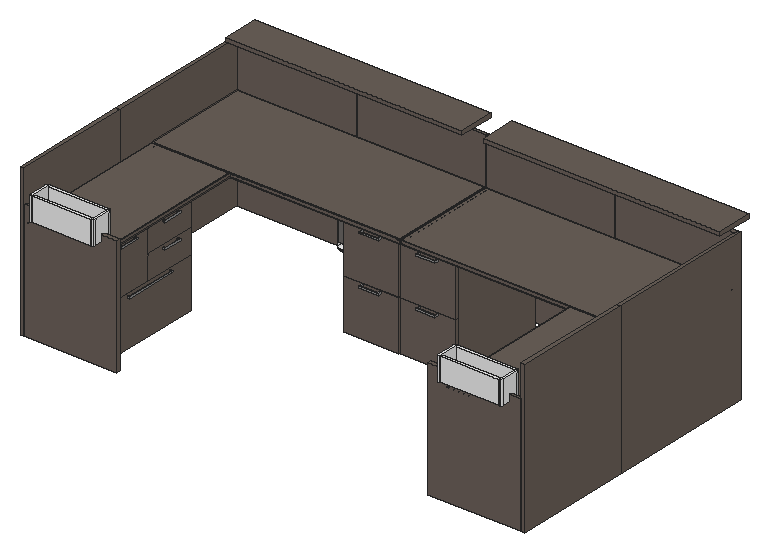
Revit family "OFS TYPICAL T200033", category Furniture, Revit 2022 (continued)
Definition of nested family "STAKS BENCHING CANTILEVER WORKSURFACE BRACKET - OPEN"
  Forms (in)
    Extrusion 3, void
      sketch origin (0, -11.12465, 0) x (1, 0, 0) y (0, 0, 1)
        loop
          arc (-16.10192, 22.16992) -> (-16.00817, 22.07617) -> (-15.91442, 22.16992) r 0.09375
          line (-15.91442, 22.16992) -> (-15.91442, 22.33619)
          arc (-15.91442, 22.33619) -> (-16.00817, 22.42994) -> (-16.10192, 22.33619) r 0.09375
          line (-16.10192, 22.33619) -> (-16.10192, 22.16992)
      from -14 to -3.47735
    Extrusion 4, void
      sketch origin (0, 0, 0) x (1, 0, 0) y (0, 1, 0)
        loop
          circle (-16.93617, 0.25038) r 0.09375
        loop
          circle (-16.06383, -1.74962) r 0.09375
        loop
          circle (-16.93617, -3.74962) r 0.09375
        loop
          circle (-16.06383, -5.74962) r 0.09375
        loop
          circle (-16.93617, -7.74962) r 0.09375
        loop
          circle (-16.06383, -9.74962) r 0.09375
        loop
          circle (-16.93617, -11.74962) r 0.09375
        loop
          circle (-16.06383, -13.74962) r 0.09375
        loop
          circle (-16.93617, -15.74962) r 0.09375
        loop
          circle (-16.06383, -17.74962) r 0.09375
        loop
          circle (-16.93617, -19.74962) r 0.09375
        loop
          circle (-16.06383, -21.74962) r 0.09375
        loop
          circle (-16.93617, -23.74962) r 0.09375
        loop
          circle (-16.06383, -25.74962) r 0.09375
        loop
          circle (-16.93617, -27.74962) r 0.09375
        loop
          circle (-16.06383, -29.74962) r 0.09375
      from 25.0365 to 29.23009
    Extrusion 5, void, not visible
      sketch origin (0, 0, 0) x (1, 0, 0) y (0, 1, 0)
        loop
          circle (-16.93617, 0.25038) r 0.09375
        loop
          circle (-16.06383, -1.74962) r 0.09375
        loop
          circle (-16.93617, -3.74962) r 0.09375
        loop
          circle (-16.06383, -5.74962) r 0.09375
        loop
          circle (-16.93617, -7.74962) r 0.09375
        loop
          circle (-16.06383, -9.74962) r 0.09375
        loop
          circle (-16.93617, -11.74962) r 0.09375
        loop
          circle (-16.06383, -13.74962) r 0.09375
        loop
          circle (-16.93617, -15.74962) r 0.09375
        loop
          circle (-16.06383, -17.74962) r 0.09375
        loop
          circle (-16.93617, -19.74962) r 0.09375
        loop
          circle (-16.06383, -21.74962) r 0.09375
        loop
          circle (-16.93617, -23.74962) r 0.09375
        loop
          circle (-16.06383, -25.74962) r 0.09375
        loop
          circle (-16.93617, -27.74962) r 0.09375
        loop
          circle (-16.06383, -29.74962) r 0.09375
      from 25.0365 to 29.23009
  Cuts and joins
    Extrusion 3, Extrusion 4 cuts Extrusion 1
  Dimensions and locks (in)
    "Height From Floor": plane 4 "BASE TOP" to plane 1
    "Height": plane 4 "BASE TOP" to plane 6
    equal spacing: plane 3 "LEFT", plane 8 "CENTER", plane 5 "RIGHT"
    equal spacing: plane 9, plane 2 "Center (Front/Back)", plane 7
    "Width": plane 3 "LEFT" to plane 5 "RIGHT"
    "Depth": plane 9 to plane 7
    locked: plane 4 "BASE TOP" to plane 10 at 2
    locked: plane 7 to plane 11 at 2
    locked: plane 13 to plane 9 at 0.5
    locked: plane 6 to plane 12 at 0.5
    plane 14 to plane 8 "CENTER" to plane 15 = 0' - 0 1/8" locked, 0' - 0 1/8" locked
    "Alpha": plane 16 to plane 13
    aligned and locked: level to plane 1
    aligned and locked: Extrusion 1 sketch curve to plane 4 "BASE TOP"
    aligned and locked: plane 7 to Extrusion 1 sketch curve
    aligned and locked: plane 9 to Extrusion 1 sketch curve
    aligned and locked: plane 6 to Extrusion 1 sketch curve
    aligned and locked: Extrusion 1 to plane 3 "LEFT"
    aligned and locked: plane 5 "RIGHT" to Extrusion 1
    aligned and locked: Extrusion 2 sketch curve to Extrusion 1
    aligned and locked: plane 15 to Extrusion 2
    aligned and locked: plane 14 to Extrusion 2
    aligned and locked: Extrusion 1 to Extrusion 2 sketch curve
    aligned and locked: Extrusion 3 to plane 7
  Automatic sketch dimensions
    plane 7 to Extrusion 1 sketch curve = 0' - 0 7/128"
    Extrusion 1 sketch curve to plane 11 = 0' - 0"
    plane 10 to Extrusion 1 sketch curve = 0' - 0"
    plane 11 to Extrusion 1 sketch curve = 0' - 0.02265"
    plane 10 to Extrusion 1 sketch curve = 0' - 0.02265"
    plane 4 "BASE TOP" to Extrusion 1 sketch curve = 0' - 0 7/128"
    Extrusion 2 sketch curve to plane 13 = 0' - 0"
    plane 12 to Extrusion 2 sketch curve = 0' - 0"
    Extrusion 2 sketch curve to plane 16 = 0' - 0"
    Extrusion 2 sketch curve to Extrusion 2 sketch curve = 0' - 0.29376"
    plane 14 to Extrusion 3 sketch curve = 0' - 0.27308"
    Extrusion 3 sketch curve to plane 5 "RIGHT" = 0' - 0.16442"  (x2)
    Extrusion 3 sketch curve to plane 12 = 0' - 0.79492"
    Extrusion 3 sketch curve to Extrusion 3 sketch curve = 0' - 0 3/16"
    plane 3 "LEFT" to Extrusion 3 sketch curve = 0' - 0.25817"  (x3)
    Extrusion 3 sketch curve to Extrusion 3 sketch curve = 0' - 0.16626"  (x2)
    plane 10 to Extrusion 3 sketch curve = 0' - 1.46119"
    plane 12 to Extrusion 3 sketch curve = 0' - 0.19423"
    Extrusion 3 sketch curve to Extrusion 3 sketch curve = 0' - 1.03838"
    plane 10 to Extrusion 3 sketch curve = 0' - 0.30577"
    Extrusion 4 sketch curve to Extrusion 4 sketch curve = 0' - 2"  (x15)
    Extrusion 4 sketch curve to Extrusion 4 sketch curve = 0' - 0"  (x7)
    Extrusion 4 sketch curve to Extrusion 4 sketch curve = 0' - 0.87233"  (x8)
    Extrusion 5 sketch curve to Extrusion 5 sketch curve = 0' - 2"  (x15)
    Extrusion 5 sketch curve to Extrusion 5 sketch curve = 0' - 0"  (x7)
    Extrusion 5 sketch curve to Extrusion 5 sketch curve = 0' - 0.87233"  (x8)
    radius of Extrusion 3 sketch curve = 0' - 0 3/32"  (x3)
    radius of Extrusion 4 sketch curve = 0' - 0 3/32"  (x16)
    radius of Extrusion 5 sketch curve = 0' - 0 3/32"  (x16)
Definition of nested family "STAKS BENCHING PRESS FIT BRACKET"
  Parameters (values of type "STAKS BENCHING PRESS FIT BRACKET")
    Width = 0' - 7 1/8"
    URL = "http://www.ofs.com/"
    Model = "PFBKT-1"
    Manufacturer = "OFS"
    Height From Floor = 2' - 3 7/8"
    Height = 0' - 3"
    Gap = 0' - 1"
    Description = "OFS STAKS BENCHING PRESS FIT BRACKET, Supports Shared Organizers, Shared Shelves or Transaction Tops on Spine or Divider Wall Panels Without Defacing the Panel Faces"
    Depth = 0' - 2"
    Default Elevation = 0' - 0"
    Copyright © = "© 2018 OFS"
    Catalog = "https://ofs.com/products/open-plan/benching/staks"
    Bracket Material = none
    Authoring Version = "Autodesk Revit Architecture 2013"
    Assembly Code = "E2020200"
  Reference planes (in)
    plane 1: z = 0
    plane 2 "Center (Front/Back)": y = 1.87535
    plane 3 "LEFT": x = -20.0625
    plane 4 "BASE TOP": z = 27.875
    plane 5 "RIGHT": x = -12.9375
    plane 6: z = 24.875
    plane 7: y = 2.87535
    plane 8 "CENTER": x = -16.5
    plane 9: y = 0.87535
    plane 10: y = 1.25035
    plane 11: x = -16
    plane 12: x = -17
  Forms (in)
    Extrusion 1, solid, material <- "Bracket Material"
      sketch origin (0, 1.87535, 0) x (1, 0, 0) y (0, 0, 1)
        loop
          line (-17, 24.875) -> (-17, 27.375) -> (-16.82031, 27.375)
          arc (-16.82031, 27.375) -> (-16.59934, 27.46653) -> (-16.50781, 27.6875) r 0.3125
          line (-16.50781, 27.6875) -> (-16.50781, 27.875) -> (-20.0625, 27.875) -> (-20.0625, 27.375) -> (-17.75, 27.375)
          arc (-17.75, 27.375) -> (-17.39645, 27.22855) -> (-17.25, 26.875) r 0.5
          line (-17.25, 26.875) -> (-17.25, 24.875) -> (-17, 24.875)
        loop
          line (-12.9375, 27.875) -> (-16.49219, 27.875) -> (-16.49219, 27.6875)
          arc (-16.49219, 27.6875) -> (-16.40066, 27.46653) -> (-16.17969, 27.375) r 0.3125
          line (-16.17969, 27.375) -> (-16, 27.375) -> (-16, 24.875) -> (-15.75, 24.875) -> (-15.75, 26.875)
          arc (-15.75, 26.875) -> (-15.60355, 27.22855) -> (-15.25, 27.375) r 0.5
          line (-15.25, 27.375) -> (-12.9375, 27.375) -> (-12.9375, 27.875)
      from -1 to 1
    Extrusion 2, void
      sketch origin (0, 0, 0) x (1, 0, 0) y (0, 1, 0)
        loop
          line (-17, 0.87535) -> (-16, 0.87535) -> (-16, 1.37535) -> (-17, 1.37535) -> (-17, 0.87535)
        loop
          line (-17, 2.87535) -> (-17, 2.37535) -> (-16, 2.37535) -> (-16, 2.87535) -> (-17, 2.87535)
        loop
          circle (-19.48811, 1.37535) r 0.09375
        loop
          circle (-17.85526, 1.37535) r 0.09375
        loop
          circle (-13.51189, 1.37535) r 0.09375
        loop
          circle (-15.14474, 1.37535) r 0.09375
        loop
          circle (-19.48811, 2.37535) r 0.09375
        loop
          circle (-17.85526, 2.37535) r 0.09375
        loop
          circle (-13.51189, 2.37535) r 0.09375
        loop
          circle (-15.14474, 2.37535) r 0.09375
      from 24.875 to 27.875
    Extrusion 3, solid, material <- "Bracket Material"
      sketch origin (-16.5, 0, 0) x (0, 1, 0) y (0, 0, 1)
        loop
          circle (2.60972, 27.625) r 0.1875
        loop
          line (2.60972, 27.72544) -> (2.52274, 27.67522) -> (2.52274, 27.57478) -> (2.60972, 27.52456) -> (2.69671, 27.57478) -> (2.69671, 27.67522) -> (2.60972, 27.72544)
        loop
          circle (1.14097, 27.625) r 0.1875
        loop
          line (1.14097, 27.72544) -> (1.05399, 27.67522) -> (1.05399, 27.57478) -> (1.14097, 27.52456) -> (1.22796, 27.57478) -> (1.22796, 27.67522) -> (1.14097, 27.72544)
      from 3.5625 to 3.68034
    Extrusion 4, solid, material <- "Bracket Material"
      sketch origin (-16.5, 0, 0) x (0, 1, 0) y (0, 0, -1)
        loop
          circle (2.60972, -27.625) r 0.1875
        loop
          line (2.60972, -27.72544) -> (2.69671, -27.67522) -> (2.69671, -27.57478) -> (2.60972, -27.52456) -> (2.52274, -27.57478) -> (2.52274, -27.67522) -> (2.60972, -27.72544)
        loop
          circle (1.14097, -27.625) r 0.1875
        loop
          line (1.14097, -27.72544) -> (1.22796, -27.67522) -> (1.22796, -27.57478) -> (1.14097, -27.52456) -> (1.05399, -27.57478) -> (1.05399, -27.67522) -> (1.14097, -27.72544)
      from 3.5625 to 3.68034
    Extrusion 5, solid, material <- "Bracket Material"
      sketch origin (-16.5, 3.61007, 0) x (0, -1, 0) y (0, 0, -1)
        loop
          circle (2.4691, -27.625) r 0.09375
      from -0.5 to 0.5
    Extrusion 6, solid, material <- "Bracket Material"
      sketch origin (-16.5, 0.14063, 0) x (0, 1, 0) y (0, 0, 1)
        loop
          circle (2.4691, 27.625) r 0.09375
      from -0.5 to 0.5
    Extrusion 7, solid
      sketch origin (-16.5, 0, 0) x (0, 1, 0) y (0, 0, 1)
        loop
          line (2.37535, 26.875) -> (1.37535, 26.875) -> (1.37535, 25.375) -> (2.37535, 25.375) -> (2.37535, 26.875)
      from 0.40321 to 0.5
    Extrusion 8, solid
      sketch origin (-16.5, 0, 0) x (0, 1, 0) y (0, 0, -1)
        loop
          line (2.37535, -26.875) -> (2.37535, -25.375) -> (1.37535, -25.375) -> (1.37535, -26.875) -> (2.37535, -26.875)
      from 0.40321 to 0.5
  Cuts and joins
    Extrusion 2 cuts Extrusion 1
  Dimensions and locks (in)
    "Height From Floor": plane 4 "BASE TOP" to plane 1
    "Height": plane 4 "BASE TOP" to plane 6
    equal spacing: plane 3 "LEFT", plane 8 "CENTER", plane 5 "RIGHT"
    equal spacing: plane 9, plane 2 "Center (Front/Back)", plane 7
    "Width": plane 3 "LEFT" to plane 5 "RIGHT"
    "Depth": plane 9 to plane 7
    equal spacing: plane 11, plane 8 "CENTER", plane 12
    "Gap": plane 12 to plane 11
    aligned and locked: level to plane 1
    aligned and locked: plane 9 to Extrusion 1
    aligned and locked: Extrusion 1 to plane 7
    aligned and locked: Extrusion 2 to plane 4 "BASE TOP"
    aligned and locked: plane 6 to Extrusion 2
    aligned and locked: plane 11 to Extrusion 5
    aligned and locked: plane 12 to Extrusion 5
    aligned and locked: plane 11 to Extrusion 7
  Automatic sketch dimensions
    Extrusion 1 sketch curve to plane 3 "LEFT" = 0' - 0"
    Extrusion 1 sketch curve to plane 6 = 0' - 0"  (x2)
    plane 12 to Extrusion 1 sketch curve = 0' - 0"
    Extrusion 1 sketch curve to plane 4 "BASE TOP" = 0' - 0"  (x2)
    Extrusion 1 sketch curve to plane 11 = 0' - 0"
    Extrusion 1 sketch curve to plane 5 "RIGHT" = 0' - 0"
    plane 12 to Extrusion 1 sketch curve = 0' - 0 1/4"
    plane 4 "BASE TOP" to Extrusion 1 sketch curve = 0' - 1"
    plane 4 "BASE TOP" to Extrusion 1 sketch curve = 0' - 0 1/2"  (x3)
    Extrusion 1 sketch curve to plane 12 = 0' - 0 23/128"
    Extrusion 1 sketch curve to plane 8 "CENTER" = 0' - 0 1/128"
    plane 8 "CENTER" to Extrusion 1 sketch curve = 0' - 0 1/128"
    Extrusion 1 sketch curve to Extrusion 1 sketch curve = 0' - 0 23/128"
    plane 11 to Extrusion 1 sketch curve = 0' - 0 1/4"
    Extrusion 1 sketch curve to Extrusion 1 sketch curve = 0' - 0 1/2"
    Extrusion 1 sketch curve to Extrusion 1 sketch curve = 0' - 0 5/16"
    plane 9 to Extrusion 2 sketch curve = 0' - 0"
    Extrusion 2 sketch curve to plane 12 = 0' - 0"  (x2)
    plane 7 to Extrusion 2 sketch curve = 0' - 0"
    Extrusion 2 sketch curve to plane 11 = 0' - 0"  (x2)
    Extrusion 2 sketch curve to plane 10 = 0' - 0 1/8"  (x5)
    plane 3 "LEFT" to Extrusion 2 sketch curve = 0' - 0.57439"  (x2)
    Extrusion 2 sketch curve to Extrusion 2 sketch curve = 0' - 0.85526"  (x4)
    Extrusion 2 sketch curve to plane 5 "RIGHT" = 0' - 0.57439"  (x2)
    Extrusion 2 sketch curve to plane 2 "Center (Front/Back)" = 0' - 0 1/2"  (x5)
    Extrusion 3 sketch curve to plane 9 = 0' - 0.17864"
    plane 4 "BASE TOP" to Extrusion 3 sketch curve = 0' - 0.35044"  (x2)
    Extrusion 3 sketch curve to Extrusion 3 sketch curve = 0' - 0.08698"  (x6)
    plane 10 to Extrusion 3 sketch curve = 0' - 0.02239"
    plane 7 to Extrusion 3 sketch curve = 0' - 0.35261"
    Extrusion 3 sketch curve to Extrusion 3 sketch curve = 0' - 0"
    Extrusion 3 sketch curve to Extrusion 3 sketch curve = 0' - 0.05022"  (x7)
    Extrusion 3 sketch curve to Extrusion 3 sketch curve = 0' - 0.10044"  (x5)
    Extrusion 4 sketch curve to plane 9 = 0' - 0.17864"
    plane 4 "BASE TOP" to Extrusion 4 sketch curve = 0' - 0.14956"  (x2)
    Extrusion 4 sketch curve to Extrusion 4 sketch curve = 0' - 0.08698"  (x7)
    plane 10 to Extrusion 4 sketch curve = 0' - 0.02239"
    plane 7 to Extrusion 4 sketch curve = 0' - 0.35261"
    Extrusion 4 sketch curve to Extrusion 4 sketch curve = 0' - 0.05022"  (x8)
    Extrusion 4 sketch curve to Extrusion 4 sketch curve = 0' - 0.10044"  (x4)
    Extrusion 5 sketch curve to plane 10 = 0' - 0 7/64"
    Extrusion 5 sketch curve to plane 4 "BASE TOP" = 0' - 0 1/4"
    plane 7 to Extrusion 6 sketch curve = 0' - 0 17/64"
    plane 4 "BASE TOP" to Extrusion 6 sketch curve = 0' - 0 1/4"
    Extrusion 7 sketch curve to plane 10 = 0' - 0 1/8"
    Extrusion 7 sketch curve to plane 6 = 0' - 0 1/2"
    Extrusion 7 sketch curve to plane 2 "Center (Front/Back)" = 0' - 0 1/2"
    plane 4 "BASE TOP" to Extrusion 7 sketch curve = 0' - 1"
    Extrusion 8 sketch curve to plane 10 = 0' - 0 1/8"
    plane 4 "BASE TOP" to Extrusion 8 sketch curve = 0' - 1"
    Extrusion 8 sketch curve to plane 2 "Center (Front/Back)" = 0' - 0 1/2"
    Extrusion 8 sketch curve to plane 6 = 0' - 0 1/2"
    radius of Extrusion 2 sketch curve = 0' - 0 3/32"  (x8)
    radius of Extrusion 3 sketch curve = 0' - 0 3/16"  (x2)
    radius of Extrusion 4 sketch curve = 0' - 0 3/16"  (x2)
    radius of Extrusion 5 sketch curve = 0' - 0 3/32"
    radius of Extrusion 6 sketch curve = 0' - 0 3/32"
